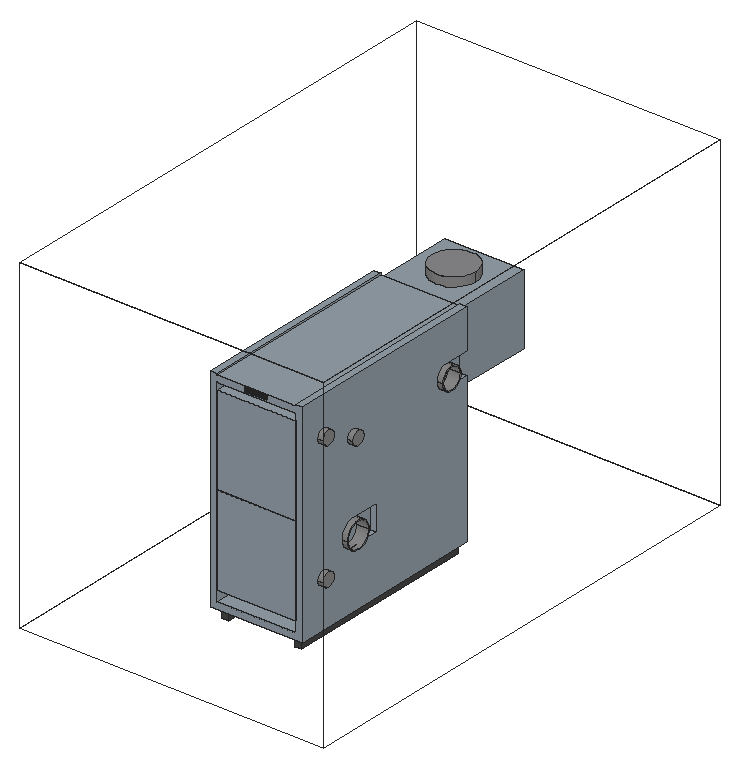
Revit family "Boiler-Weil-McLain-LGB4_12", category Mechanical Equipment, Revit 2019
Family settings
  Round Connector Dimension = Use Radius
  Part Type = Normal
  OmniClass Number = 23.75.10.11.14.11
  OmniClass Title = Cast-Iron Boilers
  Work Plane-Based = No
  Always vertical = Yes
  Cut with Voids When Loaded = No
  Shared = No
  Room Calculation Point = No
Parameters (values of type "Not a Type - Load Type Catalog")
  Width = 1' - 9"
  Voltage = 120 V
  URL = "http://www.weil-mclain.com/en/weil-mclain/"
  Supply Radius = Supply / 2  # 3"
  Supply = 0' 6"  # 6"
  Return Radius = Return / 2  # 2 1/2"
  Return = 0' 5"  # 5"
  Power Factor = 1
  Product Page URL = "http://www.weil-mclain.com/en/weil-mclain/pd-lgb-commercial-gas-boiler/"
  Product Name = "LGB"  # constant formula
  Product Documentation Link = "http://www.weil-mclain.com/en/assets/pdf/lgb_lit.pdf"
  Phase = 1
  Optional WFFP Control Panel = no
  Number of Poles = 1
  Net IBR = 0.0 Btu/h
  Model = "LGB-4"
  Material = ""
  Manufacturer = "Weil-McLain"  # constant formula
  Length = 3' - 10 1/2"  # constant formula
  Height = 4' - 2 3/8"  # constant formula
  Gross IBR = 0.0 Btu/h
  Gas Net IBR = 0.0 Btu/h
  Gas Connection Size = 1"
  Gas Connection Radius = Gas Connection Size / 2  # 1/2"
  Frequency = 60 Hz
  Draft Hood Outlet Radius = Draft Hood Outlet / 2  # 5"
  Draft Hood Outlet = 10"
  Description = "LGB Commercial Gas Boiler"  # constant formula
  Clearance [instance] = yes
  Casing = Metal - Weil-McLain - Paint Grey
  Boiler Horsepower = 9.7
  Apparent Load = 0 VA
Reference planes (in)
  plane 1 "Center (Front/Back)": y = 0
  plane 2: z = 0
  plane 3 "Center (Left/Right)": x = 0
  plane 4 "Left": x = -10.5
  plane 5 "Right": x = 10.5
  plane 6 "Back": y = 23.25
  plane 7 "Front": y = -23.25
  plane 8: z = 50.375
  plane 9: z = 2.5
  plane 10: x = -9
  plane 11: x = 9
  plane 12: y = 41.25
  plane 13: z = 49.375
  plane 14: y = 32.75
  plane 15: z = 51.375
  plane 16: z = 33.5
  plane 17: z = 6.5
  plane 18: z = 48.75
  plane 19: z = 47.125
  plane 20: y = -17.6875
  plane 21: z = 42.25
  plane 22: z = 13.375
  plane 23: x = 11.88961
  plane 24: y = -9.25
  plane 25: y = 17.25
  plane 26: z = 19.25
  plane 27: z = 38.4375
  plane 28: z = 33.4375
  plane 29: z = 41.9375
  plane 30: y = -21.75
  plane 31: y = 22.5
  plane 32: x = -9.75
  plane 33: y = -6.25
  plane 34: y = 19.75
  plane 35: y = -23.28125
Forms (in)
  Extrusion 1, solid, material "Metal - Weil-McLain - Paint Grey" <- "Casing"
    sketch origin (0, 0, 0) x (1, 0, 0) y (0, 1, 0)
      loop
        line (-9, 23.25) -> (9, 23.25) -> (9, 41.25) -> (-9, 41.25) -> (-9, 23.25)
    from 33.5 to 49.375
  Extrusion 2, solid, material "Metal - Weil-Mclain - Sheet Metal"
    sketch origin (-0.0238, 0, 0) x (1, 0, 0) y (0, 1, 0)
      loop
        circle (0, 32.75) r 5
    from 49.375 to 51.375
  Sweep 3, solid, material "Metal - Weil-McLain - Paint Grey" <- "Casing"
    path origin (0, 0, 0) x (1, 0, 0) y (0, 1, 0)
      loop
        line (0, -23.25) -> (0, 23.25)
    profile origin (0, 0, 0) x (-1, 0, 0) y (0, 0, 1)
      loop
        line (10.5, 50.375) -> (9, 50.375) -> (9, 50.125) -> (-9, 50.125) -> (-9, 50.375) -> (-10.5, 50.375) -> (-10.5, 2.5) -> (10.5, 2.5) -> (10.5, 50.375)
      loop
        line (-9, 4) -> (9, 4) -> (9, 48.75) -> (-9, 48.75) -> (-9, 4)
  Extrusion 4, solid, material "Metal - Weil-McLain - Paint Grey" <- "Casing"
    sketch origin (0, 0, 0) x (1, 0, 0) y (0, 0, 1)
      loop
        line (-9, 47.125) -> (-9, 26.84375) -> (9, 26.84375) -> (9, 47.125) -> (-9, 47.125)
      loop
        line (-9, 6.5) -> (9, 6.5) -> (9, 26.78125) -> (-9, 26.78125) -> (-9, 6.5)
    from -23.25 to 23.25
  Extrusion 5, solid, material "Metal - Weil-Mclain - Sheet Metal"
    sketch origin (0, 0, 0) x (0, 1, 0) y (0, 0, 1)
      loop
        circle (-17.6875, 13.375) r 1.5
      loop
        circle (-17.6875, 42.25) r 1.5
      loop
        circle (-9.25, 38.4375) r 1.5
    from 10.5 to 11.88961
  Extrusion 6, void
    sketch origin (0, 0, 0) x (0, 1, 0) y (0, 0, 1)
      loop
        arc (-9.25, 21.75) -> (-12.25, 18.75) -> (-9.25, 15.75) r 3
        line (-9.25, 15.75) -> (-2.25, 15.75) -> (-2.25, 21.75) -> (-9.25, 21.75)
    from 9 to 11.88961
  Extrusion 7, void
    sketch origin (0, 0, 0) x (0, 1, 0) y (0, 0, 1)
      loop
        arc (17.25, 41.4375) -> (14.75, 38.9375) -> (17.25, 36.4375) r 2.5
        line (17.25, 36.4375) -> (23.25, 36.4375) -> (23.25, 41.4375) -> (17.25, 41.4375)
    from 9 to 11.88961
  Revolve 8, solid, material "Metal - Weil-Mclain - Sheet Metal"
    sketch origin (0, 0, 18.75) x (1, 0, 0) y (0, 1, 0)
      loop
        line (9, -6.25) -> (9, -6.3125) -> (11.88961, -6.3125) -> (11.88961, -6.25) -> (9, -6.25)
      axis (9, -9.25) -> (11.88961, -9.25)
    angle from 0 to 360
  Revolve 9, solid, material "Metal - Weil-Mclain - Sheet Metal"
    sketch origin (0, 0, 38.9375) x (1, 0, 0) y (0, 1, 0)
      loop
        line (9, 19.6875) -> (11.88961, 19.6875) -> (11.88961, 19.75) -> (9, 19.75) -> (9, 19.6875)
      axis (9, 17.25) -> (11.88961, 17.25)
    angle from 0 to 360
  Extrusion 10, void
    sketch origin (0, 0, 0) x (0, 1, 0) y (0, 0, -1)
      loop
        line (-9.25, -21.75) -> (-2.25, -21.75) -> (-2.25, -15.75) -> (-9.25, -15.75)
        arc (-9.25, -15.75) -> (-12.25, -18.75) -> (-9.25, -21.75) r 3
    from 9 to 10.5
  Extrusion 11, void
    sketch origin (0, 0, 0) x (0, 1, 0) y (0, 0, 1)
      loop
        arc (17.25, 41.4375) -> (14.75, 38.9375) -> (17.25, 36.4375) r 2.5
        line (17.25, 36.4375) -> (23.25, 36.4375) -> (23.25, 41.4375) -> (17.25, 41.4375)
    from -10.5 to -9
  Revolve 12, solid, material "Metal - Weil-Mclain - Sheet Metal"
    sketch origin (0, 0, 18.75) x (-1, 0, 0) y (0, -1, 0)
      loop
        line (9, 6.25) -> (11.88961, 6.25) -> (11.88961, 6.3125) -> (9, 6.3125) -> (9, 6.25)
      axis (9, 9.25) -> (11.88961, 9.25)
    angle from 0 to 360
  Revolve 13, solid, material "Metal - Weil-Mclain - Sheet Metal"
    sketch origin (0, 0, 38.9375) x (-1, 0, 0) y (0, -1, 0)
      loop
        line (9, -19.6875) -> (9, -19.75) -> (11.88961, -19.75) -> (11.88961, -19.6875) -> (9, -19.6875)
      axis (9, -17.25) -> (11.88961, -17.25)
    angle from 0 to 360
  Sweep 14, solid, material "Metal - Weil-Mclain - Sheet Metal"
    path origin (0, 0, 0) x (1, 0, 0) y (0, 0, 1)
      loop
        line (-9, 33.5) -> (-12, 33.5)
    profile origin (-10.5, 0, 33.5) x (0, 0, -1) y (0, -1, 0)
      loop
        circle (-0.75, 17.75) r 0.6875
  Extrusion 15, solid, material "Metal - Weil-Mclain - Paint Black"
    sketch origin (0, 0, 0) x (1, 0, 0) y (0, 0, 1)
      loop
        line (-9, 2.5) -> (-9, 0) -> (-7.5, 0) -> (-7.5, 2.5) -> (-9, 2.5)
      loop
        line (9, 2.5) -> (7.5, 2.5) -> (7.5, 0) -> (9, 0) -> (9, 2.5)
    from -22.5 to 21.75
  Extrusion 16, solid, material "Metal - Weil-Mclain - Sheet Metal"
    sketch origin (0, 0, 0) x (0, 1, 0) y (0, 0, 1)
      loop
        circle (-17.6875, 13.375) r 1.5
    from -10.5 to -11.88961
  Extrusion 17, solid, material "Clearances - Weil McLain", visible <- "Clearance"
    sketch origin (42.9375, 0.3125, 2.625) x (1, 0, 0) y (0, 1, 0)
      loop
        line (-77.4375, 64.9375) -> (-77.4375, -47.5625) -> (-8.4375, -47.5625) -> (-8.4375, 64.9375) -> (-77.4375, 64.9375)
    from -2.625 to 71.75
  Extrusion 18, solid, material "Metal - Weil-Mclain - Paint Black"
    sketch origin (0, 0, 0) x (1, 0, 0) y (0, 0, 1)
      loop
        line (-2.68467, 49.94258) -> (-2.68467, 48.97881) -> (2.41715, 48.97881) -> (2.41715, 49.94258) -> (-2.68467, 49.94258)
    from 23.25 to 23.28125
Cuts and joins
  Extrusion 6, Extrusion 7, Extrusion 10, Extrusion 11 cuts Sweep 3
  Extrusion 6, Extrusion 7, Extrusion 10, Extrusion 11 cuts Extrusion 4
  Extrusion 10 cuts Revolve 8
  Extrusion 11 cuts Extrusion 1
  Extrusion 11 cuts Revolve 9
Lines and regions (in)
  Masking region 1
    outline origin (0, 0, 0) x (1, 0, 0) y (0, 1, 0)
      loop
        line (-10.5, 23.25) -> (-10.5, -23.25) -> (10.5, -23.25) -> (10.5, 23.25) -> (-10.5, 23.25)
  Masking region 2
    outline origin (0, 0, 0) x (1, 0, 0) y (0, 1, 0)
      loop
        line (-9, 23.25) -> (9, 23.25) -> (9, 41.25) -> (-9, 41.25) -> (-9, 23.25)
  Masking region 3, visible <- "Optional WFFP Control Panel"
    outline origin (0, 0, 0) x (1, 0, 0) y (0, 1, 0)
      loop
        line (-22.25, -23.25) -> (-22.25, -30.8125) -> (-5.625, -30.8125) -> (-5.625, -23.25) -> (-22.25, -23.25)
  Masking region 4, detail levels medium+fine
    outline origin (0, 0, 0) x (1, 0, 0) y (0, 1, 0)
      loop
        circle (0, 32.75) r 5
  symbolic lines, detail levels medium+fine
    curve 1: line (-9, 23.25, 0) -> (-9, -23.25, 0)
    curve 2: line (9, 23.25, 0) -> (9, -23.25, 0)
    curve 20: line (-12, -16.4375, 0) -> (-12, -18.9375, 0)
  symbolic lines, detail levels fine
    curve 3: line (-10.5, 19.75, 0) -> (-11.88961, 19.75, 0)
    curve 4: line (-11.88961, 19.75, 0) -> (-11.88961, 14.75, 0)
    curve 5: line (-11.88961, 14.75, 0) -> (-10.5, 14.75, 0)
    curve 6: line (10.5, 19.75, 0) -> (11.88961, 19.75, 0)
    curve 7: line (11.88961, 19.75, 0) -> (11.88961, 14.75, 0)
    curve 8: line (11.88961, 14.75, 0) -> (10.5, 14.75, 0)
    curve 9: line (11.88961, -6.25, 0) -> (10.5, -6.25, 0)
    curve 10: line (11.88961, -6.25, 0) -> (11.88961, -12.25, 0)
    curve 11: line (11.88961, -12.25, 0) -> (10.5, -12.25, 0)
    curve 12: line (-11.88961, -6.25, 0) -> (-11.88961, -12.25, 0)
    curve 13: line (-11.88961, -12.25, 0) -> (-10.5, -12.25, 0)
    curve 14: line (-11.88961, -6.25, 0) -> (-10.5, -6.25, 0)
    curve 15: line (10.5, -19.1875, 0) -> (11.88961, -19.1875, 0)
    curve 16: line (11.88961, -19.1875, 0) -> (11.88961, -16.1875, 0)
    curve 17: line (11.88961, -16.1875, 0) -> (10.5, -16.1875, 0)
    curve 18: line (-12, -16.4375, 0) -> (-10.5, -16.4375, 0)
    curve 19: line (-12, -18.9375, 0) -> (-10.5, -18.9375, 0)
  symbolic lines, style "MechanicalEquipmentHiddenLines", visible <- "Clearance"
    curve 21: line (-34.5, 65.25, 0) -> (34.5, 65.25, 0)
    curve 22: line (-34.5, -47.25, 0) -> (-34.5, 65.25, 0)
    curve 23: line (34.5, -47.25, 0) -> (-34.5, -47.25, 0)
    curve 24: line (34.5, 65.25, 0) -> (34.5, -47.25, 0)
    curve 25: line (-34.5, 0, 74.375) -> (34.5, 0, 74.375)
    curve 26: line (-34.5, 0, 0) -> (-34.5, 0, 74.375)
    curve 27: line (34.5, 0, 0) -> (-34.5, 0, 0)
    curve 28: line (34.5, 0, 74.375) -> (34.5, 0, 0)
    curve 29: line (0, 65.25, 74.375) -> (0, -47.25, 74.375)
    curve 30: line (0, 65.25, 0) -> (0, 65.25, 74.375)
    curve 31: line (0, -47.25, 0) -> (0, 65.25, 0)
    curve 32: line (0, -47.25, 74.375) -> (0, -47.25, 0)
Dimensions and locks (in)
  equal spacing: plane 7 "Front", plane 1 "Center (Front/Back)", plane 6 "Back"
  "Length": plane 7 "Front" to plane 6 "Back"
  equal spacing: plane 4 "Left", plane 3 "Center (Left/Right)", plane 5 "Right"
  "Width": plane 4 "Left" to plane 5 "Right"
  "Height": plane 8 to plane 2
  locked: plane 9 to plane 2 at 2.5
  locked: plane 11 to plane 5 "Right" at 1.5
  locked: plane 10 to plane 4 "Left" at 1.5
  locked: plane 7 "Front" to plane 12 at 64.5
  locked: plane 8 to plane 13 at 1
  locked: plane 7 "Front" to plane 14 at 56
  locked: plane 15 to plane 13 at 2
  locked: plane 16 to plane 9 at 31
  locked: plane 17 to plane 9 at 4
  locked: plane 8 to plane 18 at 1.625
  locked: plane 18 to plane 19 at 1.625
  Sweep 3 sketch curve to Sweep 3 sketch curve to Sweep 3 sketch curve to Sweep 3 sketch curve to plane 9 = 0' - 0 1/4" locked, 0' - 1 3/8" locked, 3' - 8 3/4" locked, 0' - 1 1/2" locked
  locked: Sweep 3 sketch curve to plane 9 at 47.875
  locked: Sweep 3 sketch curve to plane 4 "Left" at 1.5  (x2)
  locked: Sweep 3 sketch curve to plane 5 "Right" at 1.5  (x2)
  Extrusion 4 sketch curve to Extrusion 4 sketch curve to plane 9 = 0' - 0 1/16" locked, 2' - 0 9/32" locked
  Extrusion 4 sketch curve to Extrusion 4 sketch curve to plane 4 "Left" = 1' - 6" locked, 0' - 1 1/2" locked  (x2)
  locked: plane 7 "Front" to plane 20 at 5.5625
  locked: plane 22 to plane 2 at 13.375
  locked: plane 21 to plane 2 at 42.25
  plane 20 to Extrusion 5 sketch curve = 0' - 1 1/2"
  locked: plane 5 "Right" to plane 23 at 1.38961
  locked: plane 7 "Front" to plane 24 at 14
  locked: plane 7 "Front" to plane 25 at 40.5
  locked: plane 26 to plane 2 at 19.25
  locked: plane 27 to plane 2 at 38.4375
  plane 24 to Extrusion 5 sketch curve = 0' - 1 1/2"
  plane 24 to Revolve 8 = 0' - 3"
  locked: plane 20 to Extrusion 5 sketch curve at 1.5
  locked: Extrusion 5 sketch curve to plane 22 at 1.5
  locked: Extrusion 5 sketch curve to plane 21 at 1.5
  locked: Extrusion 5 sketch curve to plane 27 at 1.5
  locked: Extrusion 7 sketch curve to plane 6 "Back" at 6
  Revolve 9 to plane 27 = 0' - 3"
  locked: Revolve 13 sketch curve to plane 10 at 2.88961
  locked: Revolve 12 sketch curve to plane 10 at 2.88961
  locked: plane 26 to Revolve 12 at 2.5
  locked: plane 2 to plane 28 at 33.4375
  locked: plane 28 to Sweep 14 sketch curve at 1.5
  locked: plane 20 to Sweep 14 sketch curve at 0.75
  plane 29 to plane 28 = 0' - 8 1/2"
  Extrusion 15 sketch curve to plane 3 "Center (Left/Right)" to Extrusion 15 sketch curve = 0' - 7 1/2" locked, 0' - 7 1/2" locked
  locked: plane 31 to plane 6 "Back" at 0.75
  locked: plane 7 "Front" to plane 30 at 1.5
  locked: cut or joined group of Extrusion 4, Extrusion 6, Extrusion 7, Extrusion 10, Extrusion 11 to plane 4 "Left" at 1.5
  locked: plane 20 to Extrusion 16 sketch curve at 1.5
  locked: Extrusion 16 sketch curve to plane 22 at 1.5
  equal spacing: plane 10, plane 32, plane 4 "Left"
  locked: nested 1 to plane 32 at 4.125
  locked: Masking region 3 sketch curve to plane 7 "Front" at 7.5625
  locked: Revolve 13 to plane 4 "Left" at 1.38961
  locked: Revolve 12 to plane 4 "Left" at 1.38961
  curve 17 to plane 20 to curve 15 = 0' - 1 1/2" locked, 0' - 1 1/2" locked
  curve 18 to plane 20 to curve 19 = 0' - 1 1/4" locked, 0' - 1 1/4" locked
  locked: plane 12 to Masking region 4 sketch curve at 8.5
  cut or joined group of Revolve 8, Extrusion 10 to plane 26 = 0' - 0 1/2"
  locked: plane 14 to Extrusion 2 sketch curve at 0
  locked: Extrusion 17 sketch curve to plane 12 at 24
  locked: Extrusion 17 sketch curve to plane 7 "Front" at 24
  locked: Extrusion 17 sketch curve to plane 4 "Left" at 24
  locked: plane 5 "Right" to Extrusion 17 sketch curve at 24
  locked: Extrusion 17 to plane 8 at 24
  "Supply Radius": plane 33 to plane 24
  locked: plane 33 to Revolve 12 sketch curve at 0.0625
  "Supply Radius": curve 14 to plane 24
  "Supply Radius": plane 24 to curve 13
  "Supply Radius": curve 9 to plane 24
  "Supply Radius": plane 24 to curve 11
  locked: plane 33 to Revolve 8 sketch curve at 0.0625
  locked: plane 34 to Revolve 9 sketch curve at 0.0625
  "Return Radius": curve 6 to plane 25
  "Return Radius": plane 25 to curve 8
  "Return Radius": plane 34 to plane 25
  "Return Radius": curve 3 to plane 25
  "Return Radius": plane 25 to curve 5
  locked: plane 34 to Revolve 13 sketch curve at 0.0625
  locked: curve 20 to plane 4 "Left" at 1.5
  locked: plane 8 to nested 2 at 1.5
  plane 8 to Extrusion 18 sketch curve to Extrusion 18 sketch curve = 0' - 0.43242" locked, 0' - 0.96377" locked
  Extrusion 18 sketch curve to plane 3 "Center (Left/Right)" to Extrusion 18 sketch curve = 0' - 2.41715" locked, 0' - 2.68467" locked
  locked: plane 7 "Front" to plane 35 at 0.03125
  locked: curve 22 to plane 4 "Left" at 24
  locked: plane 5 "Right" to curve 24 at 24
  locked: curve 23 to plane 7 "Front" at 24
  locked: curve 21 to plane 12 at 24
  locked: plane 4 "Left" to curve 26 at 24
  locked: plane 5 "Right" to curve 28 at 24
  locked: curve 25 to plane 15 at 23
  locked: plane 2 to curve 27 at 0
  locked: curve 30 to plane 12 at 24
  locked: plane 7 "Front" to curve 32 at 24
  locked: curve 29 to plane 8 at 24
  locked: level to curve 31 at 0
  locked: cut or joined group of Revolve 8, Extrusion 10 to plane 26 at 3.5
  locked: plane 6 "Back" to Extrusion 11 sketch curve at 6
  Extrusion 10 sketch curve to plane 26 to Extrusion 10 sketch curve = 0' - 3 1/2" locked, 0' - 2 1/2" locked
  Extrusion 10 sketch curve to plane 33 to Extrusion 10 sketch curve = 0' - 4" locked, 0' - 3" locked
  locked: Revolve 13 to plane 27 at 0.5
  Extrusion 11 sketch curve to plane 27 to Extrusion 11 sketch curve = 0' - 3" locked, 0' - 2" locked
  Extrusion 6 sketch curve to plane 26 to Extrusion 6 sketch curve = 0' - 3 1/2" locked, 0' - 2 1/2" locked
  Extrusion 6 sketch curve to plane 33 to Extrusion 6 sketch curve = 0' - 3" locked, 0' - 4" locked
  Extrusion 7 sketch curve to plane 27 to Extrusion 7 sketch curve = 0' - 3" locked, 0' - 2" locked
  "Draft Hood Outlet Radius": radius of Extrusion 2 sketch curve
  "Draft Hood Outlet Radius": radius of Masking region 4 sketch curve
  aligned and locked: plane 2 to level
  aligned and locked: Extrusion 1 sketch curve to plane 6 "Back"
  aligned and locked: plane 12 to Extrusion 1 sketch curve
  aligned and locked: plane 11 to Extrusion 1 sketch curve
  aligned and locked: Extrusion 1 sketch curve to plane 10
  aligned and locked: plane 13 to Extrusion 1
  aligned and locked: Extrusion 2 to plane 13
  aligned and locked: plane 3 "Center (Left/Right)" to Sweep 3 sketch curve
  aligned and locked: Sweep 3 sketch curve to plane 9
  aligned and locked: plane 15 to Extrusion 2
  aligned and locked: Extrusion 1 to plane 16
  aligned and locked: plane 6 "Back" to Extrusion 4
  aligned and locked: plane 7 "Front" to Extrusion 4
  aligned and locked: plane 23 to Extrusion 5
  aligned and locked: plane 5 "Right" to Extrusion 5
  aligned and locked: Extrusion 5 to Extrusion 6
  aligned and locked: Extrusion 7 sketch curve to plane 6 "Back"
  aligned and locked: Extrusion 5 to Extrusion 7
  aligned and locked: Extrusion 7 to Extrusion 1
  aligned and locked: Revolve 8 sketch curve to plane 24
  aligned and locked: plane 11 to Revolve 8 sketch curve
  aligned and locked: plane 11 to Revolve 9 sketch curve
  aligned and locked: Revolve 9 sketch curve to plane 23
  aligned and locked: plane 6 "Back" to Extrusion 11 sketch curve
  aligned and locked: Extrusion 11 to plane 4 "Left"
  aligned and locked: Extrusion 11 to Extrusion 1
  aligned and locked: Extrusion 10 to plane 4 "Left"
  aligned and locked: plane 25 to Revolve 13 sketch curve
  aligned and locked: plane 10 to Revolve 13 sketch curve
  aligned and locked: plane 24 to Revolve 12 sketch curve
  aligned and locked: plane 10 to Revolve 12 sketch curve
  aligned and locked: Sweep 14 sketch curve to plane 16
  aligned and locked: Extrusion 15 sketch curve to plane 9
  aligned and locked: plane 9 to Extrusion 15 sketch curve
  aligned and locked: Extrusion 15 sketch curve to plane 2
  aligned and locked: plane 2 to Extrusion 15 sketch curve
  aligned and locked: plane 10 to Extrusion 15 sketch curve
  aligned and locked: plane 11 to Extrusion 15 sketch curve
  aligned and locked: Extrusion 15 to plane 30
  aligned and locked: plane 31 to Extrusion 15
  aligned and locked: Extrusion 15 to plane 2
  aligned and locked: nested 1 to plane 7 "Front"
  aligned and locked: plane 13 to nested 1
  aligned and locked: Revolve 12 to Extrusion 16
  aligned and locked: plane 4 "Left" to Extrusion 16
  aligned and locked: Masking region 1 sketch curve to plane 6 "Back"
  aligned and locked: Masking region 1 sketch curve to plane 7 "Front"
  aligned and locked: plane 5 "Right" to Masking region 1 sketch curve
  aligned and locked: plane 4 "Left" to Masking region 1 sketch curve
  aligned and locked: Masking region 2 sketch curve to plane 12
  aligned and locked: Masking region 2 sketch curve to plane 11
  aligned and locked: plane 6 "Back" to Masking region 2 sketch curve
  aligned and locked: plane 10 to Masking region 2 sketch curve
  aligned and locked: nested 1 to Masking region 3 sketch curve
  aligned and locked: Masking region 3 sketch curve to nested 1
  aligned and locked: plane 7 "Front" to Masking region 3 sketch curve
  aligned and locked: Extrusion 15 to plane 10
  aligned and locked: plane 11 to Extrusion 15
  aligned and locked: cut or joined group of Revolve 9, Extrusion 11 to plane 23
  aligned and locked: cut or joined group of Revolve 8, Extrusion 10 to plane 23
  aligned and locked: plane 23 to curve 16
  aligned and locked: Extrusion 17 to plane 2
  aligned and locked: plane 33 to Revolve 12 sketch curve
  aligned and locked: Revolve 8 sketch curve to plane 33
  aligned and locked: Revolve 9 sketch curve to plane 34
  aligned and locked: plane 34 to Revolve 13 sketch curve
  aligned and locked: plane 3 "Center (Left/Right)" to nested 2
  aligned and locked: Extrusion 18 to plane 7 "Front"
  aligned and locked: plane 35 to Extrusion 18
Automatic sketch dimensions
  plane 7 "Front" to Sweep 3 sketch curve = 0' - 0"
  Sweep 3 sketch curve to plane 6 "Back" = 0' - 0"
  Sweep 3 sketch curve to Sweep 3 sketch curve = 0' - 1 1/2"  (x2)
  Extrusion 4 sketch curve to plane 17 = 0' - 0"
  Extrusion 4 sketch curve to plane 19 = 0' - 0"
  Extrusion 5 sketch curve to plane 20 = 0' - 0"  (x2)
  Extrusion 5 sketch curve to plane 24 = 0' - 0"
  Revolve 8 sketch curve to plane 11 = 0' - 0"
  plane 23 to Revolve 8 sketch curve = 0' - 0"
  Revolve 8 sketch curve to plane 23 = 0' - 0"
  Revolve 9 sketch curve to plane 11 = 0' - 0"
  Revolve 9 sketch curve to plane 23 = 0' - 0"
  Revolve 9 sketch curve to plane 25 = 0' - 0"
  Revolve 12 sketch curve to plane 10 = 0' - 0"
  Revolve 12 sketch curve to plane 4 "Left" = 0' - 1.38961"
  Revolve 13 sketch curve to plane 10 = 0' - 0"
  Revolve 13 sketch curve to plane 4 "Left" = 0' - 1.38961"
  profile plane to Sweep 14 sketch curve = 0' - 0 3/4"
  Sweep 14 sketch curve to plane 10 = 0' - 0"
  Extrusion 16 sketch curve to plane 22 = 0' - 0"
  Sweep 14 sketch curve to plane 4 "Left" = 0' - 1 1/2"
  curve 18 to plane 4 "Left" = 0' - 0"
  curve 5 to plane 4 "Left" = 0' - 0"
  curve 14 to plane 4 "Left" = 0' - 0"
  curve 3 to plane 4 "Left" = 0' - 0"
  curve 13 to plane 4 "Left" = 0' - 0"
  curve 19 to plane 4 "Left" = 0' - 0"
  plane 7 "Front" to curve 1 = 0' - 0"
  curve 1 to plane 10 = 0' - 0"
  curve 2 to plane 6 "Back" = 0' - 0"
  curve 2 to plane 11 = 0' - 0"
  curve 11 to plane 5 "Right" = 0' - 0"
  curve 6 to plane 5 "Right" = 0' - 0"
  curve 15 to plane 5 "Right" = 0' - 0"
  curve 8 to plane 5 "Right" = 0' - 0"
  curve 9 to plane 5 "Right" = 0' - 0"
  curve 17 to plane 5 "Right" = 0' - 0"
  curve 9 to plane 23 = 0' - 0"
  curve 8 to plane 23 = 0' - 0"
  plane 7 "Front" to curve 2 = 0' - 0"
  curve 1 to plane 6 "Back" = 0' - 0"
  curve 4 to plane 4 "Left" = 0' - 1.38961"
  curve 14 to plane 4 "Left" = 0' - 1.38961"
  Extrusion 2 sketch curve to plane 3 "Center (Left/Right)" = 0' - 0.0238"
  Masking region 4 sketch curve to plane 3 "Center (Left/Right)" = 0' - 0"
Nested families (in)
  nested 1: "Optional Control Panel for CSD-1 for LGB 6-23" at (-13.9375, -27.03125, 35.71875), visible <- "Optional WFFP Control Panel", type "Optional Control Panel for CSD-1 for LGB 6-23"
  nested 2: "Logo" at (-2.68467, -23.28125, 48.875) x (1, 0, 0) z (0, -1, 0), type "Logo"
Connectors (in)
  piping at (9, 17.25, 38.9375), diameter 5, driven by "Return Radius"
    settings: on cut or joined group of Revolve 9, Extrusion 11, index 3, connector inside diameter 5", connector length 0' - 0", flow factor 0, pipe flow 0 GPM, pressure drop 0.00 psi, fitting loss kfactor 0, connector angle 0.00°, fixture units 0, engagement length 0' - 0", angle of deflection 0.00°, flow configuration 0, flow direction 0, fitting loss method 0, system type 20, joint type 0, gender type 0, connector reference index -1, connector utility 0, adjustable connector no, is connector primary yes, connector description "Return Right"
  piping at (9, -9.25, 18.75), diameter 6, driven by "Supply Radius"
    settings: on cut or joined group of Revolve 8, Extrusion 10, index 4, connector inside diameter 6", connector length 0' - 0", flow factor 0, pipe flow 0 GPM, pressure drop 0.00 psi, fitting loss kfactor 0, connector angle 0.00°, fixture units 0, engagement length 0' - 0", angle of deflection 0.00°, flow configuration 0, flow direction 0, fitting loss method 0, system type 20, joint type 0, gender type 0, connector reference index -1, connector utility 0, adjustable connector no, is connector primary no, connector description "Suppy Right"
  piping at (-0.0238, 32.75, 51.375), diameter 10, driven by "Draft Hood Outlet Radius"
    settings: on Extrusion 2, index 6, connector inside diameter 10", connector length 0' - 0", flow factor 0, pipe flow 0 GPM, pressure drop 0.00 psi, fitting loss kfactor 0, connector angle 0.00°, fixture units 0, engagement length 0' - 0", angle of deflection 0.00°, flow configuration 0, flow direction 0, fitting loss method 0, system type 17, joint type 0, gender type 0, connector reference index -1, connector utility 0, adjustable connector no, is connector primary no, connector description "Draft Hood"
  piping at (-9, 17.25, 38.9375), diameter 5, driven by "Return Radius"
    settings: on Revolve 13, index 7, connector inside diameter 5", connector length 0' - 0", flow factor 0, pipe flow 0 GPM, pressure drop 0.00 psi, fitting loss kfactor 0, connector angle 0.00°, fixture units 0, engagement length 0' - 0", angle of deflection 0.00°, flow configuration 0, flow direction 0, fitting loss method 0, system type 20, joint type 0, gender type 0, connector reference index -1, connector utility 0, adjustable connector no, is connector primary no, connector description "Return Left"
  piping at (-9, -9.25, 18.75), diameter 6, driven by "Supply Radius"
    settings: on Revolve 12, index 8, connector inside diameter 6", connector length 0' - 0", flow factor 0, pipe flow 0 GPM, pressure drop 0.00 psi, fitting loss kfactor 0, connector angle 0.00°, fixture units 0, engagement length 0' - 0", angle of deflection 0.00°, flow configuration 0, flow direction 0, fitting loss method 0, system type 20, joint type 0, gender type 0, connector reference index -1, connector utility 0, adjustable connector no, is connector primary no, connector description "Supply Left"
  electrical at (0, 23.25, 19.34375), driven by "Number of Poles", driven by "Voltage", driven by "Apparent Load", driven by "Power Factor"
    settings: on cut or joined group of Sweep 3, Extrusion 6, Extrusion 7, Extrusion 10, Extrusion 11, index 10, voltage 120 V, apparent load 0 VA, apparent load phase1 0 VA, apparent load phase2 0 VA, apparent load phase3 0 VA, power factor 1, load classification "HVAC", number of poles 1, system type 31, power factor state 1, is connector primary yes, connector utility no, sub classification motor no, connector description "Power Connection"
  piping at (-9, -17.75, 34.25), diameter 1, driven by "Gas Connection Radius"
    settings: on Sweep 14, index 11, connector inside diameter 1", connector length 0' - 0", flow factor 0, pipe flow 0 GPM, pressure drop 0.00 psi, fitting loss kfactor 0, connector angle 0.00°, fixture units 0, engagement length 0' - 0", angle of deflection 0.00°, flow configuration 0, flow direction 1, fitting loss method 0, system type 22, joint type 0, gender type 0, connector reference index -1, connector utility 0, adjustable connector no, is connector primary no, connector description "Gas Connector"
Definition of nested family "Optional Control Panel for CSD-1 for LGB 6-23"
  Parameters
    Width = 0' - 7 9/16"  # constant formula
    Plaques = none
    Length = 1' - 4 5/8"  # constant formula
    Key Lock = none
    Height = 1' - 1 1/2"  # constant formula
    Casing = none
    Buttons = none
  Reference planes (in)
    plane 1 "Center (Front/Back)": y = 0
    plane 2: z = 0
    plane 3 "Center (Left/Right)": x = 0
    plane 4 "Left": x = -8.3125
    plane 5 "Right": x = 8.3125
    plane 6 "Back": y = 3.78125
    plane 7 "Front": y = -3.78125
    plane 8: z = 13.65625
    plane 9: x = 4.9375
    plane 10: z = 2.375
    plane 11: x = 4.1875
    plane 12: x = -7.5625
    plane 13: z = 13.8125
    plane 14: z = 0.15625
    plane 15: y = -2.96875
    plane 16: z = 7.09375
    plane 17: x = 3.3125
    plane 18: y = -3.90625
    plane 19: x = 8.0625
    plane 20: x = 5.1875
    plane 21: x = 6.5625
    plane 22: x = 6.6875
    plane 23: y = -3
    plane 24: x = 6.625
    plane 25: x = 7.375
    plane 26: x = 5.875
    plane 27: z = 11.6875
    plane 28: z = 9.9375
    plane 29: z = 8.1875
    plane 30: z = 6.4375
    plane 31: z = 4.70166
    plane 32: z = 2.95166
    plane 33: y = -3.34375
  Forms (in)
    Extrusion 1, solid, material <- "Casing"
      sketch origin (0, 0, 0) x (1, 0, 0) y (0, 1, 0)
        loop
          line (-8.3125, 3.78125) -> (-8.3125, -3.78125) -> (8.3125, -3.78125) -> (8.3125, 3.78125) -> (-8.3125, 3.78125)
      from 0.15625 to 13.65625
    Extrusion 2, void
      sketch origin (0, 0, 0) x (1, 0, 0) y (0, 0, 1)
        loop
          line (5, 13.59375) -> (5, 0.21875) -> (8.25, 0.21875) -> (8.25, 13.59375) -> (5, 13.59375)
      from 2.96875 to 3.78125
    Extrusion 3, void
      sketch origin (0, 0, 0) x (1, 0, 0) y (0, 0, 1)
        loop
          circle (4.1875, 2.375) r 0.125
        loop
          circle (-7.5625, 2.375) r 0.125
      from 2.96875 to 3.78125
    Extrusion 4, solid, material <- "Key Lock"
      sketch origin (0, 0, 0) x (1, 0, 0) y (0, 0, 1)
        loop
          circle (3.3125, 7.09375) r 0.375
      from 3.78125 to 3.90625
    Extrusion 5, solid, material <- "Plaques"
      sketch origin (0, 0, 0) x (1, 0, 0) y (0, 0, 1)
        loop
          line (5.1875, 11.2063) -> (5.1875, 10.5813) -> (6.5625, 10.5813) -> (6.5625, 11.2063) -> (5.1875, 11.2063)
        loop
          line (8.0625, 11.2063) -> (6.6875, 11.2063) -> (6.6875, 10.5813) -> (8.0625, 10.5813) -> (8.0625, 11.2063)
        loop
          line (5.1875, 9.4563) -> (5.1875, 8.8313) -> (6.5625, 8.8313) -> (6.5625, 9.4563) -> (5.1875, 9.4563)
        loop
          line (8.0625, 9.4563) -> (6.6875, 9.4563) -> (6.6875, 8.8313) -> (8.0625, 8.8313) -> (8.0625, 9.4563)
        loop
          line (5.1875, 7.7063) -> (5.1875, 7.0813) -> (6.5625, 7.0813) -> (6.5625, 7.7063) -> (5.1875, 7.7063)
        loop
          line (8.0625, 7.0813) -> (8.0625, 7.7063) -> (6.6875, 7.7063) -> (6.6875, 7.0813) -> (8.0625, 7.0813)
        loop
          line (5.1875, 5.9563) -> (5.1875, 5.3313) -> (8.0625, 5.3313) -> (8.0625, 5.9563) -> (5.1875, 5.9563)
        loop
          line (5.1875, 4.2063) -> (5.1875, 3.5813) -> (6.5625, 3.5813) -> (6.5625, 4.2063) -> (5.1875, 4.2063)
        loop
          line (8.0625, 3.5813) -> (8.0625, 4.2063) -> (6.6875, 4.2063) -> (6.6875, 3.5813) -> (8.0625, 3.5813)
        loop
          line (5.1875, 2.4563) -> (5.1875, 1.8313) -> (8.0625, 1.8313) -> (8.0625, 2.4563) -> (5.1875, 2.4563)
      from 2.96875 to 3
    Extrusion 6, solid, material <- "Buttons"
      sketch origin (0, 0, 0) x (1, 0, 0) y (0, 0, 1)
        loop
          circle (6.625, 12.72206) r 0.25
        loop
          circle (5.875, 11.6875) r 0.125
        loop
          circle (7.375, 11.6875) r 0.25
        loop
          circle (7.375, 9.9375) r 0.25
        loop
          circle (5.87357, 9.93963) r 0.25
        loop
          circle (7.37243, 8.19717) r 0.25
        loop
          circle (5.87612, 8.1875) r 0.25
        loop
          circle (7.37243, 4.70166) r 0.25
        loop
          circle (5.875, 4.70166) r 0.25
        loop
          circle (7.37243, 2.95166) r 0.25
        loop
          circle (7.37243, 6.4375) r 0.25
      from 2.96875 to 3.34375
  Cuts and joins
    Extrusion 2, Extrusion 3 cuts Extrusion 1
  Dimensions and locks (in)
    equal spacing: plane 7 "Front", plane 1 "Center (Front/Back)", plane 6 "Back"
    "Width": plane 7 "Front" to plane 6 "Back"
    equal spacing: plane 4 "Left", plane 3 "Center (Left/Right)", plane 5 "Right"
    "Length": plane 4 "Left" to plane 5 "Right"
    locked: plane 9 to plane 4 "Left" at 13.25
    locked: plane 10 to plane 2 at 2.375
    locked: plane 11 to plane 5 "Right" at 4.125
    locked: plane 12 to plane 5 "Right" at 15.875
    locked: plane 14 to plane 2 at 0.15625
    locked: plane 13 to plane 8 at 0.15625
    "Height": plane 8 to plane 14
    locked: Extrusion 2 sketch curve to plane 9 at 0.0625
    locked: Extrusion 2 sketch curve to plane 5 "Right" at 0.0625
    locked: Extrusion 2 sketch curve to plane 14 at 0.0625
    locked: plane 8 to Extrusion 2 sketch curve at 0.0625
    locked: plane 7 "Front" to plane 15 at 0.8125
    locked: Extrusion 3 sketch curve to plane 11 at 0.125
    locked: Extrusion 3 sketch curve to plane 10 at 0.125  (x2)
    locked: Extrusion 3 sketch curve to plane 12 at 0.125
    locked: plane 16 to plane 14 at 6.9375
    locked: plane 17 to plane 5 "Right" at 5
    locked: Extrusion 4 sketch curve to plane 17 at 0.375
    locked: plane 16 to Extrusion 4 sketch curve at 0.375
    locked: plane 18 to plane 7 "Front" at 0.125
    Extrusion 5 sketch curve to Extrusion 5 sketch curve to Extrusion 5 sketch curve to Extrusion 5 sketch curve to Extrusion 5 sketch curve to Extrusion 5 sketch curve to Extrusion 5 sketch curve to Extrusion 5 sketch curve to Extrusion 5 sketch curve to Extrusion 5 sketch curve to Extrusion 5 sketch curve to Extrusion 5 sketch curve to plane 14 = 0' - 0 5/8" locked, 0' - 1 1/8" locked, 0' - 0 5/8" locked, 0' - 1 1/8" locked, 0' - 0 5/8" locked, 0' - 1 1/8" locked, 0' - 0 5/8" locked, 0' - 1 1/8" locked, 0' - 0 5/8" locked, 0' - 1 1/8" locked, 0' - 0 5/8" locked, 0' - 1.67505" locked
    Extrusion 5 sketch curve to Extrusion 5 sketch curve to Extrusion 5 sketch curve to Extrusion 5 sketch curve to Extrusion 5 sketch curve to Extrusion 5 sketch curve to Extrusion 5 sketch curve to Extrusion 5 sketch curve to plane 14 = 0' - 0 5/8" locked, 0' - 1 1/8" locked, 0' - 0 5/8" locked, 0' - 1 1/8" locked, 0' - 0 5/8" locked, 0' - 2 7/8" locked, 0' - 0 5/8" locked, 0' - 3.42505" locked
    locked: plane 19 to plane 5 "Right" at 0.25
    locked: plane 20 to plane 9 at 0.25
    locked: plane 21 to plane 20 at 1.375
    locked: plane 19 to plane 22 at 1.375
    locked: plane 23 to plane 15 at 0.03125
    equal spacing: plane 5 "Right", plane 24, plane 9
    plane 24 to plane 9 = 0' - 1 11/16"
    plane 5 "Right" to plane 24 = 0' - 1 11/16"
    plane 13 to plane 27 to plane 28 to plane 29 to plane 30 to plane 31 to plane 32 = 0' - 2 1/8" locked, 0' - 1 3/4" locked, 0' - 1 3/4" locked, 0' - 1 3/4" locked, 0' - 1.73584" locked, 0' - 1 3/4" locked
    locked: Extrusion 6 sketch curve to plane 27 at 0.78456
    locked: Extrusion 6 sketch curve to plane 24 at 0.25
    locked: Extrusion 6 sketch curve to plane 26 at 0.125
    locked: Extrusion 6 sketch curve to plane 27 at 0.125
    locked: Extrusion 6 sketch curve to plane 27 at 0.25
    locked: Extrusion 6 sketch curve to plane 25 at 0.25  (x2)
    locked: Extrusion 6 sketch curve to plane 28 at 0.25
    locked: plane 28 to Extrusion 6 sketch curve at 0.24787
    locked: Extrusion 6 sketch curve to plane 26 at 0.24857
    locked: Extrusion 6 sketch curve to plane 29 at 0.25
    locked: Extrusion 6 sketch curve to plane 29 at 0.25967
    locked: Extrusion 6 sketch curve to plane 25 at 0.24743  (x4)
    locked: Extrusion 6 sketch curve to plane 26 at 0.25112
    locked: plane 30 to Extrusion 6 sketch curve at 0.25
    locked: Extrusion 6 sketch curve to plane 26 at 0.25
    locked: Extrusion 6 sketch curve to plane 31 at 0.25  (x2)
    locked: Extrusion 6 sketch curve to plane 32 at 0.25
    locked: plane 33 to plane 15 at 0.375
    aligned and locked: plane 2 to level
    aligned and locked: Extrusion 1 sketch curve to plane 6 "Back"
    aligned and locked: Extrusion 1 sketch curve to plane 7 "Front"
    aligned and locked: plane 5 "Right" to Extrusion 1 sketch curve
    aligned and locked: plane 4 "Left" to Extrusion 1 sketch curve
    aligned and locked: Extrusion 1 to plane 14
    aligned and locked: plane 8 to Extrusion 1
    aligned and locked: cut or joined group of Extrusion 1, Extrusion 2, Extrusion 3 to plane 15
    aligned and locked: plane 7 "Front" to cut or joined group of Extrusion 1, Extrusion 2, Extrusion 3
    aligned and locked: plane 7 "Front" to Extrusion 3
    aligned and locked: Extrusion 2 to Extrusion 3
    aligned and locked: Extrusion 4 to plane 7 "Front"
    aligned and locked: Extrusion 4 to plane 18
    aligned and locked: plane 20 to Extrusion 5 sketch curve  (x6)
    aligned and locked: Extrusion 5 sketch curve to plane 19  (x6)
    aligned and locked: Extrusion 5 sketch curve to plane 21  (x4)
    aligned and locked: Extrusion 5 sketch curve to plane 22  (x4)
    aligned and locked: plane 15 to Extrusion 5
    aligned and locked: Extrusion 5 to plane 23
    aligned and locked: plane 15 to Extrusion 6
    aligned and locked: Extrusion 6 to plane 33
  Automatic sketch dimensions
    Extrusion 3 sketch curve to plane 12 = 0' - 0"
    Extrusion 3 sketch curve to plane 10 = 0' - 0"
    Extrusion 4 sketch curve to plane 17 = 0' - 0"
    Extrusion 6 sketch curve to plane 26 = 0' - 0"
    Extrusion 6 sketch curve to plane 29 = 0' - 0"
    Extrusion 6 sketch curve to plane 32 = 0' - 0"
    Extrusion 6 sketch curve to plane 31 = 0' - 0"
    Extrusion 6 sketch curve to plane 30 = 0' - 0"
    Extrusion 6 sketch curve to plane 25 = 0' - 0"  (x2)
    Extrusion 6 sketch curve to plane 26 = 0' - 0.00143"
    Extrusion 6 sketch curve to plane 24 = 0' - 0"
    Extrusion 6 sketch curve to plane 25 = 0' - 0.00257"
    plane 27 to Extrusion 6 sketch curve = 0' - 0"
Definition of nested family "Logo"
  Parameters
    Logo = none
    Default Elevation = 4' - 0"
  Reference planes (in)
    plane 1 "Center (Front/Back)": y = 0
    plane 2: z = 0
    plane 3 "Center (Left/Right)": x = 0
    plane 4: x = 5
    plane 5: z = 0.03125
  Forms (in)
    Extrusion 1, solid
      sketch origin (0, 0, 0) x (1, 0, 0) y (0, 1, 0)
        loop
          line (-48, 48) -> (-48, -48) -> (48, -48) -> (48, 48) -> (-48, 48)
      from 0 to -12
    Extrusion 2, solid, material <- "Logo"
      sketch origin (0, 0, 0) x (1, 0, 0) y (0, 1, 0)
        loop
          line (0, 1.06758) -> (0, 0.10381) -> (0.94474, 0.10381) -> (0.94474, 1.06758) -> (0, 1.06758)
        loop
          line (0.05208, 1.0155) -> (0.05208, 0.15589) -> (0.89266, 0.15589) -> (0.89266, 1.0155) -> (0.05208, 1.0155)
        loop
          line (0.4634, 0.61947) -> (0.4634, 0.81943) -> (0.38737, 0.81943) -> (0.38737, 0.44008)
          arc (0.38737, 0.44008) -> (0.35554, 0.41899) -> (0.32372, 0.44008) r 0.03455
          line (0.32372, 0.44008) -> (0.32372, 0.81943) -> (0.2487, 0.81943) -> (0.2487, 0.44008)
          arc (0.2487, 0.44008) -> (0.21688, 0.41899) -> (0.18506, 0.44008) r 0.03455
          line (0.18506, 0.44008) -> (0.18506, 0.81943) -> (0.10752, 0.81943) -> (0.10752, 0.39273)
          arc (0.10752, 0.39273) -> (0.19969, 0.32894) -> (0.29185, 0.39273) r 0.09848
          arc (0.29185, 0.39273) -> (0.36882, 0.33001) -> (0.4634, 0.36023) r 0.10422
          line (0.4634, 0.36023) -> (0.4634, 0.53961) -> (0.43206, 0.53961) -> (0.43206, 0.61947) -> (0.4634, 0.61947)
        loop
          line (0.4634, 0.30997) -> (0.55596, 0.30997) -> (0.55596, 0.71164)
          arc (0.55596, 0.71164) -> (0.57268, 0.71966) -> (0.58941, 0.71164) r 0.02145
          line (0.58941, 0.71164) -> (0.58941, 0.30997) -> (0.69629, 0.30997) -> (0.69629, 0.71164)
          arc (0.69629, 0.71164) -> (0.71302, 0.71912) -> (0.72975, 0.71164) r 0.02244
          line (0.72975, 0.71164) -> (0.72975, 0.30997) -> (0.83336, 0.30997) -> (0.83336, 0.76542)
          arc (0.83336, 0.76542) -> (0.74758, 0.84234) -> (0.64223, 0.79569) r 0.10611
          arc (0.64223, 0.79569) -> (0.5627, 0.83395) -> (0.47725, 0.81184) r 0.12842
          line (0.47725, 0.81184) -> (0.47725, 0.84353) -> (0.37445, 0.84353) -> (0.37445, 0.44008)
          arc (0.37445, 0.44008) -> (0.35554, 0.43294) -> (0.33664, 0.44008) r 0.02857
          line (0.33664, 0.44008) -> (0.33664, 0.84353) -> (0.23579, 0.84353) -> (0.23579, 0.44008)
          arc (0.23579, 0.44008) -> (0.21688, 0.43294) -> (0.19798, 0.44008) r 0.02857
          line (0.19798, 0.44008) -> (0.19798, 0.84353) -> (0.09461, 0.84353) -> (0.09461, 0.39273)
          arc (0.09461, 0.39273) -> (0.18085, 0.31161) -> (0.2902, 0.35698) r 0.10902
          arc (0.2902, 0.35698) -> (0.37328, 0.30908) -> (0.4634, 0.34185) r 0.11357
          line (0.4634, 0.34185) -> (0.4634, 0.30997)
        loop
          line (0.4447, 0.60707) -> (0.4447, 0.55481) -> (0.50777, 0.55481) -> (0.50777, 0.60707) -> (0.4447, 0.60707)
        loop
          line (1.0753, 0.86316) -> (1.0753, 0.40208)
          arc (1.0753, 0.40208) -> (1.19737, 0.27446) -> (1.35836, 0.34705) r 0.15291
          arc (1.35836, 0.34705) -> (1.52173, 0.27369) -> (1.64658, 0.40208) r 0.15615
          line (1.64658, 0.40208) -> (1.64658, 0.86316) -> (1.48781, 0.86316) -> (1.48781, 0.4376)
          arc (1.48781, 0.4376) -> (1.46511, 0.41489) -> (1.4424, 0.4376) r 0.02271
          line (1.4424, 0.4376) -> (1.4424, 0.86316) -> (1.28363, 0.86316) -> (1.28363, 0.4376)
          arc (1.28363, 0.4376) -> (1.25885, 0.41282) -> (1.23407, 0.4376) r 0.02478
          line (1.23407, 0.4376) -> (1.23407, 0.86316) -> (1.0753, 0.86316)
        loop
          line (1.69284, 0.26721) -> (1.99512, 0.26721) -> (1.99512, 0.42553) -> (1.86092, 0.42553) -> (1.86092, 0.52036) -> (1.9415, 0.52036) -> (1.9415, 0.65631) -> (1.86092, 0.65631) -> (1.86092, 0.72449) -> (1.99512, 0.72449) -> (1.99512, 0.86316) -> (1.69284, 0.86316) -> (1.69284, 0.26721)
        loop
          line (2.02421, 0.86316) -> (2.02421, 0.26721) -> (2.20173, 0.26721) -> (2.20173, 0.86316) -> (2.02421, 0.86316)
        loop
          line (2.52259, 0.67009) -> (2.52259, 0.53337) -> (2.68467, 0.53337) -> (2.68467, 0.67009) -> (2.52259, 0.67009)
        loop
          line (2.26127, 0.86316) -> (2.26127, 0.26721) -> (2.43327, 0.26721) -> (2.51266, 0.26721) -> (2.51266, 0.41318) -> (2.43327, 0.41318) -> (2.43327, 0.86316) -> (2.26127, 0.86316)
        loop
          line (3.62168, 0.86316) -> (3.62168, 0.26721) -> (3.79368, 0.26721) -> (3.87307, 0.26721) -> (3.87307, 0.41318) -> (3.79368, 0.41318) -> (3.79368, 0.86316) -> (3.62168, 0.86316)
        loop
          line (4.33579, 0.86316) -> (4.33579, 0.26721) -> (4.51331, 0.26721) -> (4.51331, 0.86316) -> (4.33579, 0.86316)
        loop
          line (3.33187, 0.26721) -> (3.33187, 0.7283)
          arc (3.33187, 0.7283) -> (3.2098, 0.85592) -> (3.04881, 0.78332) r 0.15291
          arc (3.04881, 0.78332) -> (2.88544, 0.85669) -> (2.76058, 0.7283) r 0.15615
          line (2.76058, 0.7283) -> (2.76058, 0.26721) -> (2.91936, 0.26721) -> (2.91936, 0.69278)
          arc (2.91936, 0.69278) -> (2.94206, 0.71548) -> (2.96477, 0.69278) r 0.02271
          line (2.96477, 0.69278) -> (2.96477, 0.26721) -> (3.12354, 0.26721) -> (3.12354, 0.69278)
          arc (3.12354, 0.69278) -> (3.14832, 0.71756) -> (3.1731, 0.69278) r 0.02478
          line (3.1731, 0.69278) -> (3.1731, 0.26721) -> (3.33187, 0.26721)
        loop
          line (3.88304, 0.26721) -> (4.05229, 0.26721) -> (4.06421, 0.40348) -> (4.13149, 0.40348) -> (4.15065, 0.26721) -> (4.32492, 0.26721) -> (4.21007, 0.85808) -> (3.99393, 0.85808) -> (3.88304, 0.26721)
        loop
          line (4.08388, 0.63548) -> (4.07369, 0.54492) -> (4.12566, 0.54492) -> (4.11605, 0.63548) -> (4.08388, 0.63548)
        loop
          line (4.56873, 0.26721) -> (4.72409, 0.26721) -> (4.72409, 0.5078) -> (4.83628, 0.26721) -> (5, 0.26721) -> (5, 0.85808) -> (4.82727, 0.85808) -> (4.82727, 0.62722) -> (4.71962, 0.85808) -> (4.56873, 0.85808) -> (4.56873, 0.26721)
        loop
          line (3.54445, 0.62284) -> (3.42278, 0.62284)
          arc (3.42278, 0.62284) -> (3.38222, 0.60604) -> (3.36541, 0.56547) r 0.05737
          line (3.36541, 0.56547) -> (3.36541, 0.32647)
          arc (3.36541, 0.32647) -> (3.38277, 0.28457) -> (3.42467, 0.26721) r 0.05926
          line (3.42467, 0.26721) -> (3.54445, 0.26721) -> (3.54445, 0.3732) -> (3.50791, 0.3732)
          arc (3.50791, 0.3732) -> (3.4865, 0.38207) -> (3.47763, 0.40348) r 0.03028
          line (3.47763, 0.40348) -> (3.47763, 0.50117)
          arc (3.47763, 0.50117) -> (3.48818, 0.52012) -> (3.50852, 0.52765) r 0.03126
          line (3.50852, 0.52765) -> (3.54445, 0.52765) -> (3.54445, 0.62284)
      from 0 to 0.03125
  Dimensions and locks (in)
    locked: plane 3 "Center (Left/Right)" to plane 4 at 5
    locked: plane 2 to plane 5 at 0.03125
    aligned and locked: plane 2 to Extrusion 1
    aligned and locked: level to Extrusion 1
    aligned and locked: plane 5 to Extrusion 2
